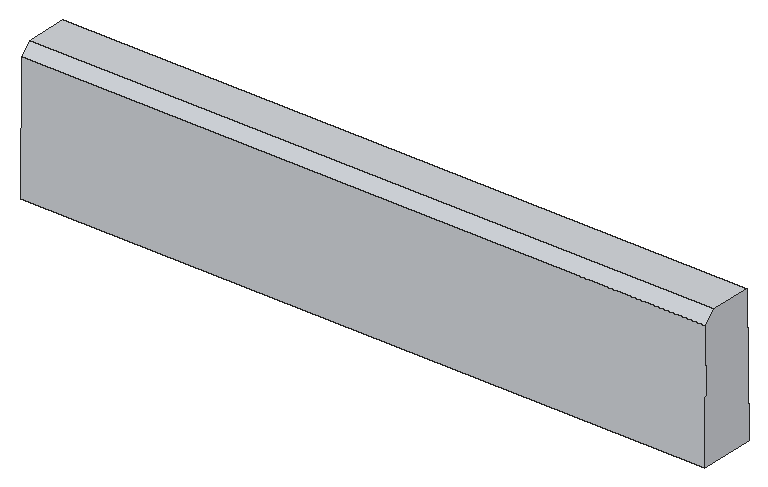
Revit family "Бордюр БР 100-20-8 1000xh200x80", category Обобщенные модели, Revit 2023
Family settings
  Может служить основой для арматурных стержней = Нет
  Размер круглого соединителя = Использовать диаметр
  Тип детали = Нормальный
  На основе рабочей плоскости = Нет
  Всегда вертикально = Нет
  При загрузке вырезать с полостями = Нет
  Сохранять ориентацию аннотаций = Нет
  Общий = Нет
  Точка принадлежности помещению = Нет
Parameters (values of type "Бордюр БР 100-20-8 1000xh200x80")
  Ширина по верху = 61 mm
  Фаска = 15 mm
  Скос = 2 mm
  Отметка по умолчанию = 0 mm
  ADSK_Размер_Ширина = 80 mm
  ADSK_Размер_Длина = 1000 mm
  ADSK_Размер_Высота = 200 mm
Reference planes
  plane 1 "По центру (Вперед/Назад)": y = 0
  plane 2: z = 0
  plane 3 "По центру (Влево/Вправо)": x = 0
  plane 4: y = -40
  plane 5: y = 40
  plane 6: z = 200
  plane 7: x = 500
  plane 8: x = -500
  plane 9: y = -38
  plane 10: y = -23
  plane 11: z = 185
  plane 12: y = 38
Forms (mm)
  Extrusion 1, solid
    sketch origin (0, 0, 0) x (0, 1, 0) y (0, 0, 1)
      loop
        line (40, 0) -> (38, 200) -> (-23, 200) -> (-38, 185) -> (-40, 0) -> (40, 0)
    from -500 to 500
Dimensions and locks
  equal spacing: plane 4, plane 1 "По центру (Вперед/Назад)", plane 5
  "ADSK_Размер_Ширина": plane 4 to plane 5
  equal spacing: plane 8, plane 3 "По центру (Влево/Вправо)", plane 7
  "ADSK_Размер_Длина": plane 8 to plane 7
  "ADSK_Размер_Высота": plane 6 to plane 2
  "Скос": plane 9 to plane 4
  "Фаска": plane 6 to plane 11
  "Скос": plane 5 to plane 12
  "Ширина по верху": plane 12 to plane 10
  aligned and locked: level to plane 2
  aligned and locked: level to Extrusion 1 sketch curve
  aligned and locked: Extrusion 1 sketch curve to plane 6
  aligned and locked: Extrusion 1 to plane 8
  aligned and locked: plane 7 to Extrusion 1
Automatic sketch dimensions
  Extrusion 1 sketch curve to plane 4 = 0 mm
  Extrusion 1 sketch curve to plane 9 = 0 mm
  Extrusion 1 sketch curve to plane 10 = 0 mm
  Extrusion 1 sketch curve to plane 12 = 0 mm
  Extrusion 1 sketch curve to plane 5 = 0 mm
  Extrusion 1 sketch curve to plane 11 = 0 mm
